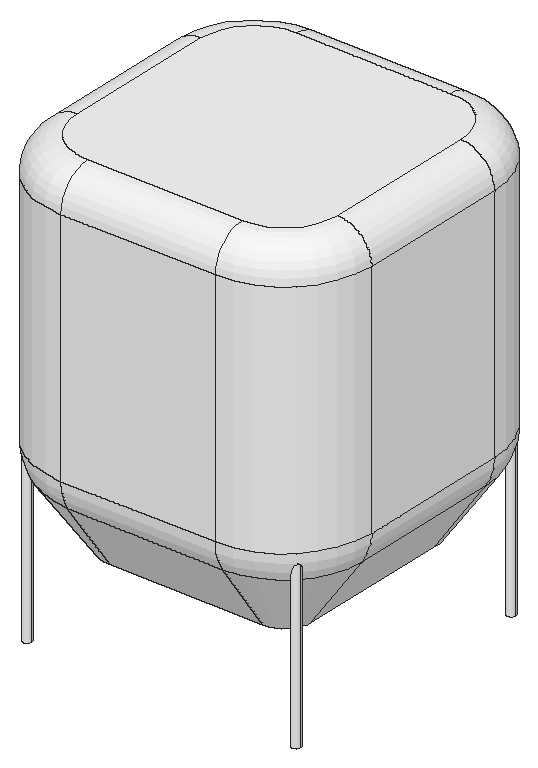
Revit family "NBS_Allermuir_DmstcChrs_Mozaik", category Furniture, Revit 2016
Family settings
  Work Plane-Based = No
  Always vertical = Yes
  Cut with Voids When Loaded = No
  Shared = No
  Room Calculation Point = No
Parameters (values of type "MZK201")
  WarrantyStartDate [instance] = "1900-12-31T23:59:59"
  WarrantyGuarantorParts = "sales@allermuir.com"
  WarrantyGuarantorLabor = "n/a"
  WarrantyDurationUnit = "year"
  WarrantyDurationParts = "5"
  WarrantyDurationLabor = "n/a"
  WarrantyDescription = "Allermuir warrant that its manufactured products are free from manufacturing defects in materials or workmanship for a period of five years"
  Version = "1"  # constant formula
  Uniclass2015Version = "Products v1.9"
  Uniclass2015Title = "Dining chairs"
  Uniclass2015Code = "Pr_40_50_12_22"
  TagNumber [instance] = "n/a"
  SustainabilityPerformance = "n/a"
  Style = "n/a"
  Status = "UNSET"
  Size = "435 x 435 x 595 mm"
  Shape = "n/a"
  SerialNumber [instance] = "n/a"
  SeatsAndBacksMaterial = ""
  SeatsAndBacksFinish = "Fully upholstered"
  SeatsAndBacksColour = ""
  SeatingHeight = 595 mm
  SeatMaterial = NBS_Concept
  Revision = "n/a"
  ReplacementCost = "n/a"
  Reference = "n/a"
  ProductInformation = "http://www.thesenatorgroup.com/FamilyDocuments/790/Allermuir_SPEC_2017_Mozaik.pdf"
  NominalWidth = NominalDepth  # 435 mm
  NominalLength = 435 mm
  NominalHeight = 595 mm
  NominalDepth = 435 mm
  Name = "DomesticChairs_Mozaik_MZK201_Allermuir"
  NBSReference = "45-35-20/365"
  NBSDescription = "Domestic chairs"
  NBSCertification = "www.nationalbimlibrary.com/cert/g1kzdwom"
  ModelReference = "Mozaik"
  ModelNumber = "MZK201"
  Material = "n/a"
  ManufacturerURL = "http://www.thesenatorgroup.com"
  ManufacturerName = "Allermuir"  # constant formula
  Manufacturer = "sales@allermuir.com"
  MainColor = "n/a"
  LowestSeatingHeight = 0 mm
  LegMaterial = NBS_Concept
  IsBuiltIn = no
  IntegralAccessories = "Plastic glides"
  InstallationDate [instance] = "1900-12-31T23:59:59"
  IfcExportType = "SOFA"  # constant formula
  IfcExportAs = "IfcFurnitureType"  # constant formula
  HighestSeatingHeight = 0 mm
  Grade = "n/a"
  FramesMaterial = "Steel"
  FramesFinish = "Powder coat"
  FramesColour = "Black"
  FrameFinishOptions = "Two tone upholstery"
  FrameColourOptions = "White, coral, pebble"
  Finish = "n/a"
  Features = "Traditional carcass construction, fully upholstred, wire frame finished in black powder coat, plastic glides, wire frame available in white, coral or pebble powder coat, two tone upholstery"
  ExpectedLife = "5"
  EnvironmentalProductDeclaration = "http://www.thesenatorgroup.com/FamilyDocuments/790/ALLERMUIR_EPA_2017_Mozaik.pdf"
  DurationUnit = "year"
  Description = "High square stool, small"
  Constituents = "n/a"
  Color = "n/a"
  CodePerformance = "BS EN 16139:2013 level 1"
  Category = "Pr_40_50_12_22:Dining chairs"
  BarCode [instance] = "n/a"
  BIMObjectName = "NBS_Allermuir_DomesticChairs_Mozaik_MZK201"
  Author = "NBS"  # constant formula
  AssetType = "Moveable"
  AssetIdentifier [instance] = "n/a"
  AccessibilityPerformance = "n/a"
Types (5, lengths in mm): name | Size | SeatsAndBacksMaterial | SeatsAndBacksColour | SeatingHeight | NominalWidth | NominalLength | NominalHeight | NominalDepth | Name | ModelNumber | Description | BIMObjectName
  MZK101 | "865 x 435 x 595 mm" | "n/a" | "n/a" | 595 | 435 | 435 | 420 | 435 | "DomesticChairs_Mozaik_MZK203_Allermuir" | "MZK203" | "High rectangular bench" | "NBS_Allermuir_DomesticChairs_Mozaik_MZK203"
  MZK201 | "435 x 435 x 595 mm" | "" | "" | 595 | 435 | 435 | 595 | 435 | "DomesticChairs_Mozaik_MZK201_Allermuir" | "MZK201" | "High square stool, small" | "NBS_Allermuir_DomesticChairs_Mozaik_MZK201"
  MZK102 | "865 x 865 x 420 mm" | "" | "" | 420 | 865 | 865 | 420 | 865 | "DomesticChairs_Mozaik_MZK102_Allermuir" | "MZK102" | "Low square stool, large" | "NBS_Allermuir_DomesticChairs_Mozaik_MZK102"
  MZK103 | "865 x 435 x 420 mm" | "" | "" | 420 | 435 | 865 | 420 | 435 | "DomesticChairs_Mozaik_MZK103_Allermuir" | "MZK103" | "Low rectangular bench" | "NBS_Allermuir_DomesticChairs_Mozaik_MZK103"
  MZK203 | "865 x 435 x 595 mm" | "" | "" | 595 | 435 | 865 | 595 | 435 | "DomesticChairs_Mozaik_MZK203_Allermuir" | "MZK203" | "High rectangular bench" | "NBS_Allermuir_DomesticChairs_Mozaik_MZK203"
Reference planes
  plane 1 "Center (Front/Back)": y = 0
  plane 2: z = 0
  plane 3 "Center (Left/Right)": x = 0
  plane 4: y = 217.5
  plane 5: y = -217.5
  plane 6: x = 217.5
  plane 7: x = -217.5
  plane 8: z = 595
  plane 9 "SeatBase": z = 99.769
  plane 10: x = -184.5
  plane 11: y = 184.5
  plane 12 "LegTop": z = 219.769
  plane 13: y = -184.5
  plane 14: x = 184.5
  plane 15: y = 117.5
  plane 16: x = -117.5
  plane 17: x = 117.5
  plane 18: y = -117.5
  plane 19: x = -117.5
  plane 20: x = 117.5
  plane 21: y = -117.5
  plane 22: y = 117.5
Forms (mm)
  Extrusion 1, solid, material "NBS_Concept" <- "LegMaterial"
    sketch origin (0, 0, 0) x (1, 0, 0) y (0, 1, 0)
      loop
        circle (-178.651, 178.445) r 6
      loop
        circle (178.651, 178.445) r 6
      loop
        circle (-178.651, -178.445) r 6
      loop
        circle (178.651, -178.445) r 6
    from 0 to 219.769
  Sweep 2, solid, material "NBS_Concept" <- "SeatMaterial", detail levels coarse
    path origin (0, 0, 0) x (1, 0, 0) y (0, 1, 0)
      loop
        line (-217.5, 217.5) -> (-217.5, -217.5) -> (217.5, -217.5) -> (217.5, 217.5) -> (-217.5, 217.5)
    profile origin (0, 217.5, 0) x (0, 1, 0) y (0, 0, 1)
      loop
        line (0, 595) -> (-110.333, 595) -> (-110.333, 99.769) -> (-78.415, 99.769) -> (0, 211.757) -> (0, 595)
  Extrusion 3, solid, material "NBS_Concept" <- "SeatMaterial", detail levels coarse
    sketch origin (0, 0, 99.769) x (0, -1, 0) y (1, 0, 0)
      loop
        line (-117.5, -117.5) -> (117.5, -117.5) -> (117.5, 117.5) -> (-117.5, 117.5) -> (-117.5, -117.5)
    from 0 to 495.231
  Sweep 4, solid, material "NBS_Concept" <- "SeatMaterial", detail levels medium+fine
    path origin (0, 0, 0) x (1, 0, 0) y (0, 1, 0)
      loop
        line (102.5, 217.5) -> (-102.5, 217.5)
        arc (-102.5, 217.5) -> (-183.817, 183.817) -> (-217.5, 102.5) r 115
        line (-217.5, 102.5) -> (-217.5, -102.5)
        arc (-217.5, -102.5) -> (-183.817, -183.817) -> (-102.5, -217.5) r 115
        line (-102.5, -217.5) -> (102.5, -217.5)
        arc (102.5, -217.5) -> (183.817, -183.817) -> (217.5, -102.5) r 115
        line (217.5, -102.5) -> (217.5, 102.5)
        arc (217.5, 102.5) -> (183.817, 183.817) -> (102.5, 217.5) r 115
    profile origin (0, 217.5, 0) x (0, -1, 0) y (0, 0, 1)
      loop
        line (110.337, 99.769) -> (110.337, 595) -> (45, 595)
        arc (45, 595) -> (13.18, 581.82) -> (0, 550) r 45
        line (0, 550) -> (0, 232.596)
        arc (0, 232.596) -> (3.059, 212.721) -> (11.953, 194.687) r 66.092
        line (11.953, 194.687) -> (78.415, 99.769) -> (110.337, 99.769)
  Extrusion 5, solid, material "NBS_Concept" <- "SeatMaterial", detail levels medium+fine
    sketch origin (0, 0, 99.769) x (0, -1, 0) y (1, 0, 0)
      loop
        line (-117.5, -117.5) -> (117.5, -117.5) -> (117.5, 117.5) -> (-117.5, 117.5) -> (-117.5, -117.5)
    from 0 to 495.231
Cuts and joins
  joined: Sweep 2, Extrusion 3
  joined: Sweep 4, Extrusion 5
Dimensions and locks
  equal spacing: plane 7, plane 3 "Center (Left/Right)", plane 6
  "NominalLength": plane 7 to plane 6
  equal spacing: plane 5, plane 1 "Center (Front/Back)", plane 4
  "NominalDepth": plane 5 to plane 4
  "NominalHeight": plane 8 to plane 2
  locked: plane 11 to plane 4 at 33
  locked: plane 7 to plane 10 at 33
  locked: plane 5 to plane 13 at 33
  locked: plane 14 to plane 6 at 33
  locked: plane 7 to plane 16 at 100
  locked: plane 15 to plane 4 at 100
  locked: plane 17 to plane 6 at 100
  locked: plane 5 to plane 18 at 100
  locked: plane 12 "LegTop" to plane 2 at 219.769
  locked: plane 12 "LegTop" to plane 9 "SeatBase" at 120
  locked: plane 7 to plane 19 at 100
  locked: plane 22 to plane 4 at 100
  locked: plane 5 to plane 21 at 100
  locked: plane 20 to plane 6 at 100
  radius of Sweep 4 sketch curve = 115 mm  (x4)
  aligned and locked: level to plane 2
  aligned and locked: Extrusion 1 to level
  aligned and locked: Extrusion 1 to plane 12 "LegTop"
  aligned and locked: plane 4 to Sweep 2 sketch curve  (x2)
  aligned and locked: plane 7 to Sweep 2 sketch curve
  aligned and locked: Sweep 2 sketch curve to plane 5
  aligned and locked: Sweep 2 sketch curve to plane 6
  aligned and locked: plane 8 to Sweep 2 sketch curve
  aligned and locked: plane 9 "SeatBase" to Sweep 2 sketch curve
  aligned and locked: plane 15 to Extrusion 3 sketch curve
  aligned and locked: plane 16 to Extrusion 3 sketch curve
  aligned and locked: Extrusion 3 sketch curve to plane 18
  aligned and locked: Extrusion 3 sketch curve to plane 17
  aligned and locked: plane 9 "SeatBase" to Extrusion 3
  aligned and locked: plane 8 to Extrusion 3
  aligned and locked: Sweep 4 sketch curve to plane 9 "SeatBase"
  aligned and locked: Sweep 4 sketch curve to plane 4
  aligned and locked: Sweep 4 sketch curve to plane 8
  aligned and locked: plane 22 to Extrusion 5 sketch curve
  aligned and locked: plane 19 to Extrusion 5 sketch curve
  aligned and locked: Extrusion 5 sketch curve to plane 21
  aligned and locked: Extrusion 5 sketch curve to plane 20
  aligned and locked: plane 9 "SeatBase" to Extrusion 5
  aligned and locked: plane 8 to Extrusion 5
Automatic sketch dimensions
  Extrusion 1 sketch curve to plane 10 = 5.849 mm  (x2)
  Extrusion 1 sketch curve to plane 14 = 5.849 mm  (x2)
  Extrusion 1 sketch curve to plane 13 = 6.055 mm  (x2)
  plane 11 to Extrusion 1 sketch curve = 6.055 mm  (x2)
  Sweep 2 sketch curve to Sweep 2 sketch curve = 31.918 mm
  profile plane to Sweep 2 sketch curve = 78.415 mm
  Sweep 2 sketch curve to Sweep 2 sketch curve = 111.988 mm
  Sweep 4 sketch curve to profile plane = 11.953 mm
  Sweep 4 sketch curve to profile plane = 45 mm
  Sweep 4 sketch curve to Sweep 4 sketch curve = 66.092 mm
  Sweep 4 sketch curve to profile plane = 78.415 mm
  Sweep 4 sketch curve to Sweep 4 sketch curve = 65.337 mm
  Sweep 4 sketch curve to Sweep 4 sketch curve = 94.918 mm
  Sweep 4 sketch curve to plane 7 = 0 mm
  plane 4 to Sweep 4 sketch curve = 0 mm
  plane 5 to Sweep 4 sketch curve = 0 mm
  Sweep 4 sketch curve to plane 6 = 0 mm
  radius of Extrusion 1 sketch curve = 6 mm  (x4)
